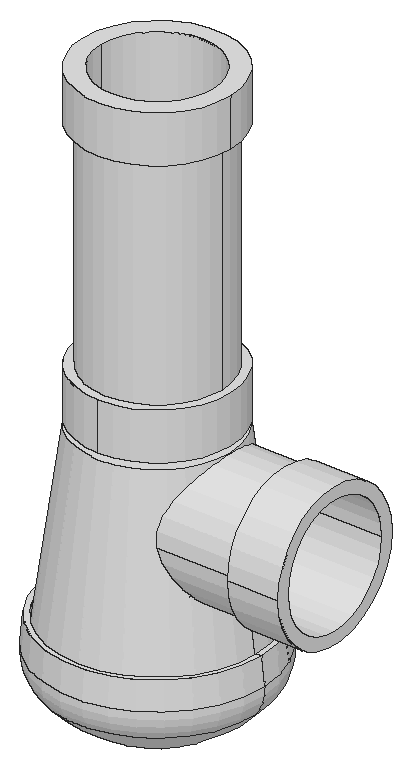
Revit family "S-69 (EN)", category Pipe Fittings, Revit 2015
Parameters (values of type "S-69_1 1/2"")
  URL = "http://www.jimten.com/en/producto/77/sifon-bide"
  Reference = "04058"
  Outlet = "Ø40 MM (FEMALE)"
  Model = "S-69 "  # constant formula
  Material = PP (White)
  Manufacturer = "Jimten"  # constant formula
  Inlets = "1 1/2\" FEMALE THREAD"
  Flowrate = 0.4 L/s  # constant formula
  DiameterOutlet = 40 mm
  DiameterInlet = 38.1 mm
  Description = "BOTTLE TRAP COMPACT, EXTENSIBLE, HORIZONTAL OUTLET,  JUNTA FIX RAISER"  # constant formula
  Type Comments = "EASY INSTALLATION THANKS TO ITS INTEGRATED JOINT SYSTEMS, BOTTOM REGISTER COVER\r\n"  # constant formula
  Certificates = "http://www.jimten.com/_bd/_adjuntos/3b4e9e19f525a9333619fbb9026ce695.pdf?viewPdf"
  C [instance] = 130 mm
  B = 60 mm
  Appliances = "WASH BASIN, BIDET\r\n"  # constant formula
  AMin = 150 mm
  AMax = 220 mm
  ACal [instance] = if(A < AMax, if(A > AMin, A, AMin), AMax)  # 200 mm
  A [instance] = 200 mm
Types (2, lengths in mm): name | Reference | Outlet | Inlets | DiameterOutlet | DiameterInlet | B | AMin | AMax
  S-69_1 1/2" | "04058" | "Ø40 MM (FEMALE)" | "1 1/2\" FEMALE THREAD" | 40 | 38.1 | 60 | 150 | 220
  S-69_1 1/4" | "04016" | "Ø32 MM (FEMALE)" | "1 1/4\" FEMALE THREAD" | 32 | 31.8 | 50 | 140 | 205
Reference planes
  plane 1 "Centro (Frontal/Posterior)": y = 0
  plane 2: z = -65
  plane 3 "Centro (Izquierda/Derecha)": x = 0
  plane 4: z = -135
  plane 5: z = -205
  plane 6: x = -67.11
  plane 7: x = 60
  plane 8: y = 54.351
  plane 9: y = -45
  plane 10: z = -82
  plane 11: z = -95
  plane 12: z = -113
  plane 13: z = -5
Forms (mm)
  SweptBlend 1, solid, material "PP (White)" <- "Material"
    path origin (0, 0, 0) x (1, 0, 0) y (0, 0, 1)
      loop
        line (0, -185) -> (0, -113)
    profile origin (0, 0, -185) x (-1, 0, 0) y (0, -1, 0)
      loop
        circle (0, 0) r 35
    end profile origin (0, 0, -113) x (-1, 0, 0) y (0, -1, 0)
      loop
        circle (0, 0) r 25
  Revolve 2, solid, material "PP (White)" <- "Material"
    sketch origin (0, 0, 0) x (1, 0, 0) y (0, 0, 1)
      loop
        line (35, -185) -> (0, -185) -> (0, -205)
        arc (0, -205) -> (18.294, -200.983) -> (33.223, -189.673) r 43.678
        arc (33.223, -189.673) -> (35.708, -185.21) -> (36.274, -180.133) r 12.957
        line (36.274, -180.133) -> (35.461, -170.838) -> (33.774, -170.986) -> (35, -185)
      axis (0, -205) -> (0, -170.838)
    angle from 0 to 360
  Extrusion 3, solid, material "PP (White)" <- "Material"
    sketch origin (60, 66.396, 1200) x (0, 1, 0) y (0, 0, 1)
      loop
        circle (-66.396, -1335) r 20
      loop
        circle (-66.396, -1335) r 22
    from 0 to -60
  Extrusion 4, solid, material "PP (White)" <- "Material"
    sketch origin (60, 66.396, 1200) x (0, 1, 0) y (0, 0, 1)
      loop
        circle (-66.396, -1335) r 22
      loop
        circle (-66.396, -1335) r 24
    from 0 to -17
  Extrusion 5, solid, material "PP (White)" <- "Material"
    sketch origin (65, -1524, -113) x (0, -1, 0) y (-1, 0, 0)
      loop
        circle (-1524, 65) r 25
    from -2 to -18
  Extrusion 6, solid, material "PP (White)" <- "Material"
    sketch origin (0, 0, -65) x (1, 0, 0) y (0, 1, 0)
      loop
        circle (0, 0) r 19.05
      loop
        circle (0, 0) r 22
    from 60 to -30
  Extrusion 7, solid, material "PP (White)" <- "Material"
    sketch origin (-132.11, -1524, -5) x (-1, 0, 0) y (0, -1, 0)
      loop
        circle (-132.11, -1524) r 25
      loop
        circle (-132.11, -1524) r 22
    from 0 to -16
  Extrusion 8, solid
    sketch origin (65, -1524, -113) x (0, -1, 0) y (-1, 0, 0)
      loop
        circle (-1524, 65) r 19
      loop
        circle (-1524, 65) r 15.875
    from 0 to -2
Cuts and joins
  joined: SweptBlend 1, Revolve 2
  joined: Extrusion 3, Extrusion 4
  joined: Extrusion 6, Extrusion 7
Dimensions and locks
  locked: plane 4 to plane 5 at 70
  "B": plane 7 to plane 3 "Centro (Izquierda/Derecha)"
  plane 10 to plane 11 = 13 mm
  locked: plane 12 to plane 4 at 22
  plane 12 to SweptBlend 1 sketch curve = 72 mm
  "ACal": plane 13 to plane 5
  locked: Extrusion 7 to Extrusion 7 at 16
  "C": plane 13 to plane 4
  "DiameterInlet": diameter of Extrusion 6 sketch curve
  "DiameterOutlet": diameter of Extrusion 3 sketch curve
  aligned and locked: level to plane 2
  aligned and locked: plane 3 "Centro (Izquierda/Derecha)" to SweptBlend 1 sketch curve
  aligned and locked: Extrusion 3 to plane 7
  aligned and locked: Extrusion 3 to plane 3 "Centro (Izquierda/Derecha)"
  aligned and locked: Extrusion 6 to plane 11
  aligned and locked: Extrusion 7 to Extrusion 6
  aligned and locked: plane 13 to Extrusion 7
  aligned and locked: Extrusion 8 to Extrusion 5
  aligned and locked: Extrusion 7 sketch curve to Extrusion 6
Automatic sketch dimensions
  SweptBlend 1 sketch curve to plane 12 = 0 mm
  plane 1 "Centro (Frontal/Posterior)" to SweptBlend 1 sketch curve = 0 mm  (x2)
  SweptBlend 1 sketch curve to profile plane = 0 mm  (x2)
  Revolve 2 sketch curve to plane 3 "Centro (Izquierda/Derecha)" = 0 mm  (x2)
  Revolve 2 sketch curve to plane 5 = 0 mm
  Revolve 2 sketch curve to plane 3 "Centro (Izquierda/Derecha)" = 0.003 mm
  plane 3 "Centro (Izquierda/Derecha)" to Revolve 2 sketch curve = 23.366 mm
  Revolve 2 sketch curve to Revolve 2 sketch curve = 10.408 mm
  Revolve 2 sketch curve to Revolve 2 sketch curve = 11.634 mm
  Revolve 2 sketch curve to Revolve 2 sketch curve = 1.687 mm
  Revolve 2 sketch curve to Revolve 2 sketch curve = 1.274 mm
  plane 5 to Revolve 2 sketch curve = 20 mm
  Revolve 2 sketch curve to Revolve 2 sketch curve = 3.737 mm
  Revolve 2 sketch curve to Revolve 2 sketch curve = 4.867 mm
  Revolve 2 sketch curve to Revolve 2 sketch curve = 23.678 mm
  Revolve 2 sketch curve to Revolve 2 sketch curve = 7.195 mm
  Revolve 2 sketch curve to Revolve 2 sketch curve = 7.919 mm
  Extrusion 4 sketch curve to Extrusion 4 sketch curve = 0 mm  (x2)
  Extrusion 4 sketch curve to plane 1 "Centro (Frontal/Posterior)" = 0 mm
  Extrusion 4 sketch curve to plane 4 = 0 mm
  plane 1 "Centro (Frontal/Posterior)" to Extrusion 5 sketch curve = 0 mm
  Extrusion 5 sketch curve to plane 3 "Centro (Izquierda/Derecha)" = 0 mm
  Extrusion 7 sketch curve to Extrusion 7 sketch curve = 0 mm  (x2)
  Extrusion 8 sketch curve to Extrusion 8 sketch curve = 0 mm  (x2)
  plane 1 "Centro (Frontal/Posterior)" to Extrusion 8 sketch curve = 0 mm
  Extrusion 8 sketch curve to plane 3 "Centro (Izquierda/Derecha)" = 0 mm
  Extrusion 3 sketch curve to Extrusion 3 sketch curve = 0 mm  (x2)
  Extrusion 3 sketch curve to plane 1 "Centro (Frontal/Posterior)" = 0 mm
  Extrusion 3 sketch curve to plane 4 = 0 mm
  Extrusion 6 sketch curve to Extrusion 6 sketch curve = 0 mm  (x2)
  plane 1 "Centro (Frontal/Posterior)" to Extrusion 6 sketch curve = 0 mm
  Extrusion 6 sketch curve to plane 3 "Centro (Izquierda/Derecha)" = 0 mm
  radius of SweptBlend 1 sketch curve = 35 mm
  radius of SweptBlend 1 sketch curve = 25 mm
  radius of Extrusion 4 sketch curve = 22 mm
  radius of Extrusion 4 sketch curve = 24 mm
  radius of Extrusion 5 sketch curve = 25 mm
  radius of Extrusion 7 sketch curve = 25 mm
  radius of Extrusion 8 sketch curve = 19 mm
  radius of Extrusion 8 sketch curve = 15.875 mm
  radius of Extrusion 3 sketch curve = 22 mm
  radius of Extrusion 6 sketch curve = 22 mm
Connectors
  piping at (0, 0, -5), diameter 38.1, driven by "Flowrate", driven by "DiameterInlet"
    settings: on Extrusion 6, index 1, connector inside diameter 609.6 mm, connector length 0 mm, flow factor 0, pipe flow 0.4 L/s, pressure drop 0.0 Pa, fitting loss kfactor 0, connector angle 0.00°, fixture units 0, engagement length 0 mm, angle of deflection 0.00°, flow configuration 0, flow direction 1, fitting loss method 0, system type 29, joint type 0, gender type 0, connector reference index -1, connector utility 0, adjustable connector no, is connector primary yes, connector description ""
  piping at (60, 0, -135), diameter 40, driven by "DiameterOutlet", driven by "Flowrate"
    settings: on Extrusion 3, index 2, connector inside diameter 609.6 mm, connector length 0 mm, flow factor 0, pipe flow 0.4 L/s, pressure drop 0.0 Pa, fitting loss kfactor 0, connector angle 0.00°, fixture units 0, engagement length 0 mm, angle of deflection 0.00°, flow configuration 0, flow direction 2, fitting loss method 0, system type 29, joint type 0, gender type 0, connector reference index -1, connector utility 0, adjustable connector no, is connector primary no, connector description ""
